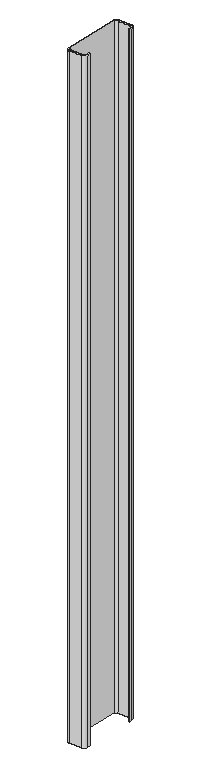
Revit family
Parameters (values of type "LC-250x75x25x4.5")
  x = 20.4 mm
  tw = 4.5 mm
  r = 9 mm
  W = 0.146
  기둥 재료 [instance] = 금속 - 스틸 - 345 MPa
  R = r + tw  # 13.5 mm
  Assembly Code = "B10"
  B = 75 mm
  H = 250 mm
  d = 25 mm
  A = 1892.00 mm²
Reference planes
  plane 1 "중심(앞/뒤)": y = 0
  plane 2: z = 0
  plane 3 "중심(왼쪽/오른쪽)": x = 0
  plane 4: x = -20.4
  plane 5: x = 54.6
  plane 6: y = 125
  plane 7: y = -125
  plane 8: y = 100
  plane 9: y = -100
  plane 10: y = 111.5
  plane 11: y = -111.5
  plane 12: x = -6.9
  plane 13: x = 41.1
Forms (mm)
  Extrusion 1, solid, material "금속 - 스틸 - 345 MPa" <- "기둥 재료", detail levels medium
    sketch origin (0, 0, 0) x (1, 0, 0) y (0, 1, 0)
      loop
        line (54.6, 125) -> (-20.4, 125) -> (-20.4, -125) -> (54.6, -125) -> (54.6, -100) -> (50.1, -100) -> (50.1, -120.5) -> (-15.9, -120.5) -> (-15.9, 120.5) -> (50.1, 120.5) -> (50.1, 100) -> (54.6, 100) -> (54.6, 125)
    from 0 to 2500
  Extrusion 2, solid, material "금속 - 스틸 - 345 MPa" <- "기둥 재료", detail levels fine
    sketch origin (0, 0, 0) x (1, 0, 0) y (0, 1, 0)
      loop
        line (54.6, 100) -> (54.6, 111.5)
        arc (54.6, 111.5) -> (50.646, 121.046) -> (41.1, 125) r 13.5
        line (41.1, 125) -> (-6.9, 125)
        arc (-6.9, 125) -> (-16.446, 121.046) -> (-20.4, 111.5) r 13.5
        line (-20.4, 111.5) -> (-20.4, -111.5)
        arc (-20.4, -111.5) -> (-16.446, -121.046) -> (-6.9, -125) r 13.5
        line (-6.9, -125) -> (41.1, -125)
        arc (41.1, -125) -> (50.646, -121.046) -> (54.6, -111.5) r 13.5
        line (54.6, -111.5) -> (54.6, -100) -> (50.1, -100) -> (50.1, -111.5)
        arc (50.1, -111.5) -> (47.464, -117.864) -> (41.1, -120.5) r 9
        line (41.1, -120.5) -> (-6.9, -120.5)
        arc (-6.9, -120.5) -> (-13.264, -117.864) -> (-15.9, -111.5) r 9
        line (-15.9, -111.5) -> (-15.9, 111.5)
        arc (-15.9, 111.5) -> (-13.264, 117.864) -> (-6.9, 120.5) r 9
        line (-6.9, 120.5) -> (41.1, 120.5)
        arc (41.1, 120.5) -> (47.464, 117.864) -> (50.1, 111.5) r 9
        line (50.1, 111.5) -> (50.1, 100) -> (54.6, 100)
    from 0 to 2500
Lines and regions (mm)
  symbolic lines, style "숨겨진 면", detail levels medium+fine
    curve 1: line (1.2, 100, 2500) -> (1.2, 100, 0)
    curve 2: line (1.2, -100, 2500) -> (1.2, -100, 0)
    curve 3: line (-15.9, 0, 2500) -> (-15.9, 0, 0)
    curve 4: line (50.1, 0, 2500) -> (50.1, 0, 0)
    curve 10: line (1.2, 120.5, 2500) -> (1.2, 120.5, 0)
    curve 11: line (1.2, -120.5, 2500) -> (1.2, -120.5, 0)
  symbolic lines, style "StructuralColumnStickSymbols", detail levels coarse
    curve 5: line (54.6, 125, 0) -> (-20.4, 125, 0)
    curve 6: line (-20.4, 125, 0) -> (-20.4, -125, 0)
    curve 7: line (-20.4, -125, 0) -> (54.6, -125, 0)
    curve 8: line (54.6, -125, 0) -> (54.6, -100, 0)
    curve 9: line (54.6, 125, 0) -> (54.6, 100, 0)
Dimensions and locks
  "x": plane 4 to plane 3 "중심(왼쪽/오른쪽)"
  "B": plane 4 to plane 5
  equal spacing: plane 6, plane 1 "중심(앞/뒤)", plane 7
  "H": plane 6 to plane 7
  "d": plane 6 to plane 8
  "d": plane 7 to plane 9
  "R": plane 6 to plane 10
  "R": plane 7 to plane 11
  "R": plane 4 to plane 12
  "R": plane 13 to plane 5
  "tw": Extrusion 1 sketch curve to plane 5  (x2)
  "tw": plane 7 to Extrusion 1 sketch curve
  "tw": plane 4 to Extrusion 1 sketch curve
  "tw": plane 6 to Extrusion 1 sketch curve
  "r": radius of Extrusion 2 sketch curve  (x4)
  aligned and locked: level to plane 2
  aligned and locked: level to curve 3  (x2)
  aligned and locked: level to curve 4  (x2)
  aligned and locked: level to curve 1  (x2)
  aligned and locked: level to curve 2  (x2)
  aligned and locked: Extrusion 1 sketch curve to plane 5
  aligned and locked: plane 6 to Extrusion 1 sketch curve
  aligned and locked: Extrusion 1 sketch curve to plane 4
  aligned and locked: plane 7 to Extrusion 1 sketch curve
  aligned and locked: plane 5 to Extrusion 1 sketch curve
  aligned and locked: Extrusion 1 sketch curve to plane 9
  aligned and locked: plane 8 to Extrusion 1 sketch curve
  aligned and locked: Extrusion 1 to level
  aligned and locked: level to Extrusion 1
  aligned and locked: plane 8 to Extrusion 2 sketch curve
  aligned and locked: plane 5 to Extrusion 2 sketch curve  (x2)
  aligned and locked: plane 6 to Extrusion 2 sketch curve
  aligned and locked: Extrusion 2 sketch curve to plane 4
  aligned and locked: plane 7 to Extrusion 2 sketch curve
  aligned and locked: plane 9 to Extrusion 2 sketch curve
  aligned and locked: plane 10 to Extrusion 2 sketch curve  (x2)
  aligned and locked: plane 12 to Extrusion 2 sketch curve  (x2)
  aligned and locked: plane 13 to Extrusion 2 sketch curve  (x2)
  aligned and locked: plane 11 to Extrusion 2 sketch curve  (x2)
  aligned and locked: Extrusion 2 to level  (x3)
  aligned and locked: level to Extrusion 2  (x6)
  aligned and locked: plane 8 to curve 9
  aligned and locked: curve 9 to plane 5
  aligned and locked: plane 6 to curve 5
  aligned and locked: curve 6 to plane 4
  aligned and locked: plane 7 to curve 7
  aligned and locked: plane 9 to curve 8
  aligned and locked: plane 5 to curve 8
  aligned and locked: curve 3 to Extrusion 1
  aligned and locked: curve 4 to Extrusion 1
  aligned and locked: curve 10 to Extrusion 1
  aligned and locked: curve 1 to Extrusion 2
  aligned and locked: curve 11 to Extrusion 1
  aligned and locked: curve 2 to Extrusion 2
  aligned and locked: level to curve 11  (x2)
  aligned and locked: level to curve 10  (x2)
Automatic sketch dimensions
  Extrusion 2 sketch curve to Extrusion 2 sketch curve = 0 mm  (x4)
